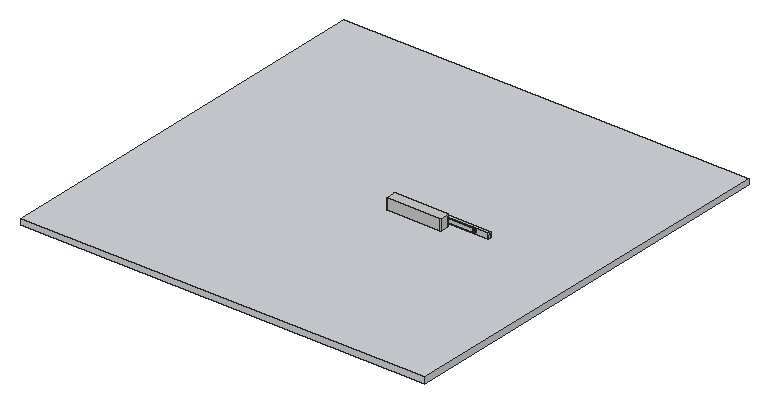
Revit family "Doors - Hardware_Door_Dormakaba_TS98XEA", category Allgemeines Modell, Revit 2016
Family settings
  Basisbauteil = Fläche
  Teiletyp = Normal
  Kann Basisbauteil für Bewehrung sein = Nein
  Bemaßung runder Anschluss = Durchmesser verwenden
  OmniClass-Nummer = 23.30.40.11.27.11
  OmniClass-Titel = Door Closers
  Beim Laden mit Abzugskörper schneiden = Nein
  Gemeinsam genutzt = Nein
  Raumberechnungspunkt = Nein
Parameters
  Youtube clip = ""
  Weight Net (Kg) = "4"
  V3 [instance] = Door Closers Types = Push Side Door  # yes
  V2 [instance] = or((Door Closers Types = Pull Side Door), (Door Closers Types = Pull side Transom), (Door Closers Types = Push Side Transom))  # no
  Uniformat II Description = ""
  Uniformat II Code = ""
  Uniclass 2015 Name = "Uncontrolled door closers"
  Uniclass 2015 Code = "Pr_30_36_59_92"
  Uniclass 2.0 Description = ""
  Uniclass 2.0 Code = ""
  Uniclass 1.4 Description = "Door closers"
  Uniclass 1.4 Code = "L41812"
  UNSPSC Code = ""
  Technical description = ""
  Push Side Transom = TS 98 XEA_Push-Side-Transom_Fixing : TS 98 XEA_Push-Side-Transom_Fixing
  Push Side Door = TS 98 XEA_Push-Side-Door_Fixing : TS 98 XEA_Push-Side-Door_Fixing
  Pull side Transom = TS 98 XEA_Pull-Side-Transom-Fixing : TS 98 XEA_Pull-Side-Transom-Fixing
  Pull Side Door = TS 98 XEA_Pull-Side-Door_Fixing : TS 98 XEA_Pull-Side-Door_Fixing
  Product url = "http://www.dorma.com/gb/en/products/opening_closing/door_closers/index-23222-23225.html"
  Product certification = ""
  Product SKU = "ts_98_xea_en_1-6"
  Primary Material = Aluminium-Dormkaba-Anodized Silver
  Opening Angle = 0.00°
  OmniClass Description = "Door Closers"
  OmniClass Code = "23-17 19 11 19 11"
  Nominal width = 327 mm
  Nominal height = 60 mm
  NBS Reference Description = "Door Hardware Systems"
  NBS Reference Code = "25-38-20-20"
  Max Depth Jamb to Door [instance] = if(and(Door Closers Types = Pull Side Door, Depth Jamb to Door > 16 mm), 16 mm, if(and(Door Closers Types = Pull side Transom, Depth Jamb to Door > 3 mm), 3 mm, if(and(Door Closers Types = Push Side Door, Depth Jamb to Door > 26 mm), 26 mm, if(and(Door Closers Types = Push Side Transom, Depth Jamb to Door > 30 mm), 30 mm, Depth Jamb to Door))))  # 0 mm
  Material secondary = "Steel"
  Material main = "Cast iron"
  Manufacturer name = "DORMA"
  Manufacturer country = "Germany"
  Installation instructions = ""
  Front Position Closer Height = if(Door Closers Types = Pull Side Door, 96 mm, if(Door Closers Types = Pull side Transom, 117 mm, if(Door Closers Types = Push Side Door, 83 mm, 104 mm)))  # 83 mm
  Edition number = 1
  EAN code = ""
  Door Closers Types = TS 98 XEA_Push-Side-Door_Fixing : TS 98 XEA_Push-Side-Door_Fixing
  Design country = "Germany"
  Depth Jamb to Door = 0 mm
  Default Elevation = 1219.2 mm
  Date of publishing = ""
  Clearance Visibility [instance] = yes
  Brand url = "http://www.dormakaba.com"
  A clearance [instance] = if(Door Closers Types = Push Side Door, 65 mm, if(Door Closers Types = Pull Side Door, 65 mm, if(Door Closers Types = Push Side Transom, Max Depth Jamb to Door + 65 mm, Max Depth Jamb to Door + 65 mm)))  # 65 mm
Reference planes
  plane 1 "Center (Front/Back)": y = 0
  plane 2: z = 0
  plane 3 "Center (Left/Right)": x = 0
  plane 4: y = -100
  plane 5: x = 74.5
  plane 6: y = -17
  plane 7: z = 0
Forms (mm)
  Extrusion 1, solid
    sketch origin (0, 0, 0) x (1, 0, 0) y (0, 1, 0)
      loop
        line (-1219.2, 1219.2) -> (-1219.2, -1219.2) -> (1219.2, -1219.2) -> (1219.2, 1219.2) -> (-1219.2, 1219.2)
    from 0 to -33.658
Dimensions and locks
  locked: plane 4 to plane 1 "Center (Front/Back)" at 100
  locked: plane 3 "Center (Left/Right)" to plane 5 at 74.5
  "Front Position Closer Height": plane 6 to plane 4
  "Max Depth Jamb to Door": plane 2 to plane 7
  aligned and locked: plane 2 to Extrusion 1
  aligned and locked: level to Extrusion 1
  aligned and locked: nested 1 to plane 6
  aligned and locked: nested 2 to plane 7
  aligned and locked: plane 3 "Center (Left/Right)" to nested 2
  aligned and locked: nested 3 to plane 7
  aligned and locked: plane 3 "Center (Left/Right)" to nested 3
Automatic sketch dimensions
  Extrusion 1 sketch curve to Extrusion 1 sketch curve = 2438.4 mm  (x2)
Nested families
  nested 1: "TS 98 XEA_Push-Side-Door_Fixing" at (0, -17, 0), type <- "Door Closers Types", type "TS 98 XEA_Push-Side-Door_Fixing"
  nested 2: "V2" at (0, 0, 0) x (1, 0, 0) z (0, -1, 0), visible <- "V2", type "V2"
    with a 65 mm
  nested 3: "V3" at (0, 0, 0) x (1, 0, 0) z (0, -1, 0), visible <- "V3", type "V3"
Definition of nested family "TS 98 XEA_Push-Side-Door_Fixing"
  Parameters (values of type "TS 98 XEA_Push-Side-Door_Fixing")
    visibility = yes
    Primary Material = none
    Position closer = 0 mm
    Position Closer Control = if(Position closer > 26 mm, 26 mm, Position closer)  # 0 mm
    Operator distributed length = 626.5 mm
    Opening Angle = 0.00°
    Model = ""
    Default Elevation = 1219.2 mm
    Axis 2H Rail = Operator distributed length - Axis 1 H + (sqrt((373.9 mm) ^ 2 - (Axis 1 V - 20 mm) ^ 2))  # 542.884 mm
    Axis 1 V = 172.7 mm * sin(Opening Angle - 11.689°) + 65 mm  # 30.011 mm
    Axis 1 H = Operator distributed length - (172.7 mm * cos(Opening Angle - 11.689°))  # 457.382 mm
  Reference planes
    plane 1 "Center (Front/Back)": y = 0
    plane 2: z = 0
    plane 3 "Center (Left/Right)": x = 0
    plane 4: x = 74.5
    plane 5: z = 0
    plane 6: x = 626.5
    plane 7: z = 22.989
    plane 8: z = 53
    plane 9: x = 169.118
    plane 10: z = 20
    plane 11: x = 542.884
    plane 12: y = 0
    plane 13: z = 65
  Forms (mm)
    Extrusion 1, solid
      sketch origin (0, 0, 0) x (1, 0, 0) y (0, 1, 0)
        loop
          line (-1219.2, 1219.2) -> (-1219.2, -1219.2) -> (1219.2, -1219.2) -> (1219.2, 1219.2) -> (-1219.2, 1219.2)
      from 0 to -304.8
    Extrusion 2, solid, material <- "Primary Material"
      sketch origin (0, 0, 0) x (1, 0, 0) y (0, 1, 0)
        loop
          line (109.1, 34.849) -> (109.1, 22.151)
          arc (109.1, 22.151) -> (110.561, 18.537) -> (114.123, 16.953) r 5.202
          line (114.123, 16.953) -> (621.4, 17)
          arc (621.4, 17) -> (625.077, 18.523) -> (626.6, 22.2) r 5.2
          line (626.6, 22.2) -> (626.6, 34.849)
          arc (626.6, 34.849) -> (625.424, 38.142) -> (622.429, 39.947) r 5.202
          line (622.429, 39.947) -> (113.271, 39.947)
          arc (113.271, 39.947) -> (110.276, 38.143) -> (109.1, 34.849) r 5.201
      from 0 to 32
    Sweep 3, solid, material <- "Primary Material"
      path in 3D
        loop
          line (542.884, 0, 20) -> (169.118, 0, 22.989)
      profile origin (356.001, 0, 21.494) x (-0.007996, 0, -0.999968) y (0, -1, 0)
        loop
          line (11, -10.9) -> (-11, -10.9) -> (-11, -15.9) -> (11, -15.9) -> (11, -10.9)
    Revolve 4, solid, material <- "Primary Material"
      sketch origin (925.496, -4572, 20) x (0, -1, 0) y (1, 0, 0)
        loop
          line (-4581.9, -382.611) -> (-4581.9, -376.111) -> (-4582.9, -376.111) -> (-4582.9, -371.611) -> (-4587.9, -371.611) -> (-4587.9, -374.111) -> (-4588.953, -374.111) -> (-4588.953, -382.611) -> (-4581.9, -382.611)
        axis (-4588.953, -382.611) -> (-4581.9, -382.611)
      angle from 0 to 360
    Extrusion 5, solid, material <- "Primary Material"
      sketch origin (0, 0, 0) x (1, 0, 0) y (0, 0, 1)
        loop
          circle (169.118, 22.989) r 11
      from -15.9 to -10.9
    Extrusion 6, solid, material <- "Primary Material"
      sketch origin (0, 0, 0) x (1, 0, 0) y (0, 0, 1)
        loop
          circle (169.118, 22.989) r 11
      from -10.9 to 0
  Cuts and joins
    joined: Sweep 3, Revolve 4, Extrusion 5
  Lines and regions (mm)
    reference lines
      curve 1: line (0, 0, 0) -> (626.5, 0, 0)
      curve 2: line (542.884, 0, 20) -> (169.118, 0, 22.989)
    sketch lines
      curve 3: line (542.884, 0, 20) -> (169.118, 0, 22.989)
    symbolic lines, visible <- "visibility"
      curve 4: line (0, -60, 0) -> (626.5, -60, 0)
      curve 5: line (0, 39.947, 0) -> (0, -60, 0)
      curve 6: line (626.5, 39.947, 0) -> (0, 39.947, 0)
      curve 7: line (626.5, -60, 0) -> (626.5, 39.947, 0)
      curve 8: line (0, -60, 0) -> (0, -60, 65)
      curve 9: line (0, 39.947, 0) -> (0, 39.947, 65)
      curve 10: line (0, 39.947, 65) -> (0, -60, 65)
      curve 11: line (0, -60, 0) -> (0, 39.947, 0)
  Dimensions and locks
    "Position closer": level to plane 5
    "Operator distributed length": plane 6 to plane 3 "Center (Left/Right)"
    "Operator distributed length": curve 1 to curve 1
    locked: plane 8 to level at 53
    "Axis 1 V": plane 8 to plane 7
    "Axis 1 H": plane 6 to plane 9
    locked: plane 10 to level at 20
    "Axis 2H Rail": plane 11 to plane 3 "Center (Left/Right)"
    locked: plane 3 "Center (Left/Right)" to plane 4 at 74.5
    locked: plane 13 to plane 5 at 65
    radius of Extrusion 6 sketch curve = 11 mm
    "Opening Angle": angle curve 1 to plane 5
    aligned and locked: plane 2 to Extrusion 1
    aligned and locked: level to Extrusion 1
    aligned and locked: plane 3 "Center (Left/Right)" to curve 1
    aligned and locked: plane 5 to curve 1
    aligned and locked: curve 2 to plane 11
    aligned and locked: curve 2 to plane 10
    aligned and locked: curve 2 to plane 7
    aligned and locked: curve 2 to plane 9
    aligned and locked: Revolve 4 sketch curve to plane 11
    aligned and locked: plane 7 to Extrusion 5 sketch curve
    aligned and locked: Extrusion 5 sketch curve to cut or joined group of Sweep 3, Revolve 4, Extrusion 5
    aligned and locked: cut or joined group of Sweep 3, Revolve 4, Extrusion 5 to Extrusion 5
    aligned and locked: Extrusion 5 to cut or joined group of Sweep 3, Revolve 4, Extrusion 5
    aligned and locked: plane 7 to Extrusion 6 sketch curve
    aligned and locked: plane 9 to Extrusion 6 sketch curve
    aligned and locked: plane 3 "Center (Left/Right)" to nested 1
    aligned and locked: plane 5 to nested 1  (x2)
    aligned and locked: nested 1 to plane 1 "Center (Front/Back)"
    aligned and locked: plane 12 to nested 1
    aligned and locked: plane 5 to curve 11
    aligned and locked: plane 13 to nested 1
  Automatic sketch dimensions
    Extrusion 1 sketch curve to Extrusion 1 sketch curve = 2438.4 mm  (x2)
    plane 4 to Extrusion 2 sketch curve = 34.6 mm
    Extrusion 2 sketch curve to Extrusion 2 sketch curve = 4.171 mm
    Extrusion 2 sketch curve to Extrusion 2 sketch curve = 5.023 mm
    Extrusion 2 sketch curve to Extrusion 2 sketch curve = 5.201 mm
    Extrusion 2 sketch curve to Extrusion 2 sketch curve = 5.202 mm  (x2)
    Extrusion 2 sketch curve to plane 1 "Center (Front/Back)" = 34.849 mm
    Extrusion 2 sketch curve to Extrusion 2 sketch curve = 507.097 mm
    Extrusion 2 sketch curve to Extrusion 2 sketch curve = 0.002 mm
    Extrusion 2 sketch curve to Extrusion 2 sketch curve = 1.03 mm
    Extrusion 2 sketch curve to Extrusion 2 sketch curve = 12.649 mm
    Extrusion 2 sketch curve to Extrusion 2 sketch curve = 12.698 mm
    Extrusion 2 sketch curve to Extrusion 2 sketch curve = 0 mm
    Extrusion 2 sketch curve to Extrusion 2 sketch curve = 0.007 mm
    Revolve 4 sketch curve to plane 11 = 0 mm
    Revolve 4 sketch curve to plane 1 "Center (Front/Back)" = 15.9 mm
    Revolve 4 sketch curve to Revolve 4 sketch curve = 5 mm
    plane 11 to Revolve 4 sketch curve = 6.5 mm
    Revolve 4 sketch curve to Revolve 4 sketch curve = 2 mm
    Revolve 4 sketch curve to Revolve 4 sketch curve = 1.053 mm
    Revolve 4 sketch curve to Revolve 4 sketch curve = 3.46 mm
    Revolve 4 sketch curve to Revolve 4 sketch curve = 3.35 mm
    Revolve 4 sketch curve to Revolve 4 sketch curve = 1 mm
    Revolve 4 sketch curve to Revolve 4 sketch curve = 2.5 mm
    profile plane to Sweep 3 sketch curve = 11 mm
    Sweep 3 sketch curve to profile plane = 11 mm
    Sweep 3 sketch curve to profile plane = 15.9 mm
    Sweep 3 sketch curve to Sweep 3 sketch curve = 5 mm
    curve 6 to plane 3 "Center (Left/Right)" = 0 mm
    plane 6 to curve 6 = 0 mm
    plane 1 "Center (Front/Back)" to curve 4 = 60 mm
    curve 6 to plane 1 "Center (Front/Back)" = 39.947 mm
    curve 8 to plane 13 = 0 mm
    plane 1 "Center (Front/Back)" to curve 8 = 60 mm
    curve 10 to plane 1 "Center (Front/Back)" = 39.947 mm
    radius of Extrusion 5 sketch curve = 11 mm
  Nested families
    nested 1: "Family17" at (0, -60, 0), type "Family17"
      with Angle 0.00°
  Definition of nested family "Family17"
    Parameters (values of type "Family17")
      Primary Material = none
      Angle = 100.00°
    Reference planes
      plane 1 "Center (Front/Back)": y = 0
      plane 2: z = 0
      plane 3 "Center (Left/Right)": x = 0
      plane 4: x = 74.5
      plane 5: x = 401.5
    Forms (mm)
      Sweep 1, solid, material <- "Primary Material"
        path origin (0, 0, 0) x (0.984808, 0, -0.173648) y (0.173648, 0, 0.984808)
          loop
            line (0, 0) -> (65, 0)
        profile "Family18 : Family18" origin (32.006, 0, -5.644) x (0.173648, 0, 0.984808) y (0, -1, 0)
          loop
            line (-80, 0) -> (-396, 0)
            arc (-396, 0) -> (-399.889, -1.611) -> (-401.5, -5.5) r 5.5
            line (-401.5, -5.5) -> (-401.5, -54.5)
            arc (-401.5, -54.5) -> (-399.889, -58.389) -> (-396, -60) r 5.5
            line (-396, -60) -> (-80, -60)
            arc (-80, -60) -> (-76.111, -58.389) -> (-74.5, -54.5) r 5.5
            line (-74.5, -54.5) -> (-74.5, -5.5)
            arc (-74.5, -5.5) -> (-76.111, -1.611) -> (-80, 0) r 5.5
    Lines and regions (mm)
      reference lines
        curve 1: line (0, 0, 0) -> (-125.027, 0, -709.062)
        curve 2: line (0, 0, 0) -> (157.569, 0, -27.784)
    Dimensions and locks
      plane 3 "Center (Left/Right)" to plane 4 to plane 5 = 74.5 mm locked, 327 mm locked
      locked: curve 1 to Sweep 1 sketch curve at 65
      "Angle": angle curve 1 to plane 2
      angle curve 1 to curve 2 = 90.00°
      aligned and locked: level to plane 2
      aligned and locked: plane 3 "Center (Left/Right)" to curve 1
      aligned and locked: level to curve 1
      aligned and locked: plane 3 "Center (Left/Right)" to curve 2
      aligned and locked: plane 2 to curve 2
      aligned and locked: Sweep 1 sketch curve to plane 2
      aligned and locked: Sweep 1 sketch curve to curve 2
Definition of nested family "V2"
  Parameters (values of type "V2")
    a = 68 mm
    Visible = yes
    D = 592 mm
  Reference planes
    plane 1 "Center (Front/Back)": y = 0
    plane 2: z = 0
    plane 3 "Center (Left/Right)": x = 0
  Lines and regions (mm)
    detail lines, in view "Ref. Level", visible <- "Visible"
      curve 1: line (0, 0, 0) -> (0, 68, 0)
      curve 2: line (0, 68, 0) -> (592, 68, 0)
      curve 3: line (592, 68, 0) -> (592, 0, 0)
      curve 4: line (592, 0, 0) -> (0, 0, 0)
  Dimensions and locks
    "a": curve 2 to curve 4
    "D": curve 1 to curve 3
  Automatic sketch dimensions
    curve 1 to plane 3 "Center (Left/Right)" = 0 mm
    plane 1 "Center (Front/Back)" to curve 4 = 0 mm
Definition of nested family "V3"
  Parameters (values of type "V3")
    a = 65 mm
    Visible = yes
    D = 627 mm
  Reference planes
    plane 1 "Center (Front/Back)": y = 0
    plane 2: z = 0
    plane 3 "Center (Left/Right)": x = 0
  Lines and regions (mm)
    detail lines, in view "Ref. Level", visible <- "Visible"
      curve 1: line (0, 0, 0) -> (0, 65, 0)
      curve 2: line (0, 65, 0) -> (627, 65, 0)
      curve 3: line (627, 65, 0) -> (627, 0, 0)
      curve 4: line (627, 0, 0) -> (0, 0, 0)
  Dimensions and locks
    "a": curve 2 to curve 4
    "D": curve 1 to curve 3
  Automatic sketch dimensions
    curve 1 to plane 3 "Center (Left/Right)" = 0 mm
    plane 1 "Center (Front/Back)" to curve 4 = 0 mm
